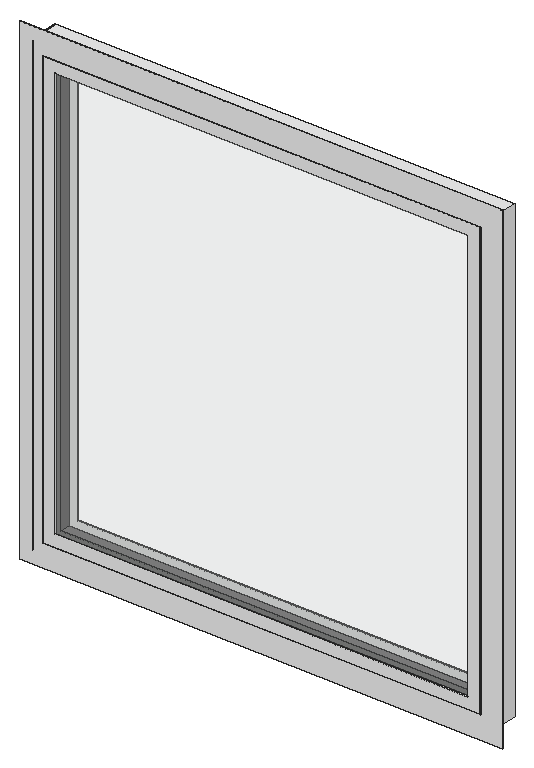
Revit family "Casement_38_B_Side_Hung_Standard", category Windows, host Wall, Revit 2014
Parameters (values of type "Casement_Sash_DG")
  Width Sash [instance] = 30 mm
  Width Sash Inner = 15 mm
  Width Bead = 15 mm
  Top Hung [instance] = yes
  Side Hung Right [instance] = yes
  Side Hung Left [instance] = yes
  Sash Opening Width [instance] = 600 mm
  Sash Opening Height [instance] = 600.312 mm
  Sash Lip = 15 mm
  Glazing Material [instance] = Glass
  DG Start Piece 2 [instance] = DG End Piece 1 + DG Gasket Thickness  # 25 mm
  DG Start Peice 1 [instance] = (Depth Sash - (2 * DG Glazing Thickness) - DG Gasket Thickness) / 2  # 6.6 mm
  Glazing Offset = 5 mm
  DG Glazing Thickness [instance] = 6.4 mm
  DG Gasket Thickness = 12 mm  # constant formula
  DG Gasket Material [instance] = Double Glazing Gasket Material
  DG End Piece 2 [instance] = DG Start Piece 2 + DG Glazing Thickness  # 31.4 mm
  DG End Piece 1 [instance] = DG Start Peice 1 + DG Glazing Thickness  # 13 mm
  Depth Sash [instance] = 38 mm
  Center Vertical Sash [instance] = Sash Opening Height / 2  # 300.156 mm
  Center Horizontal Sash [instance] = Sash Opening Width / 2  # 300 mm
  Bottom Hung [instance] = yes
  Bead Offset = 15 mm
  Aluminium Thickness = 1 mm
  Aluminium Material [instance] = White Powder Coated Aluminium
Reference planes
  plane 1 "Center (Front/Back)": y = 0
  plane 2: z = 0
  plane 3 "Center (Left/Right)": x = 0
Forms (mm)
  Sweep 1, solid, material "White Powder Coated Aluminium" <- "Aluminium Material"
    path origin (16.177, 0, 121.331) x (1, 0, 0) y (0, 0, 1)
      loop
        line (0, 0) -> (600, 0) -> (600, 600.312) -> (0, 600.312) -> (0, 0)
    profile origin (316.177, 0, 121.331) x (0, 0, 1) y (0, -1, 0)
      loop
        line (0, 0) -> (30, 0) -> (30, 1) -> (15, 1) -> (15, 38) -> (-15, 38) -> (-15, 37) -> (0, 37) -> (0, 0)
      loop
        line (14, 1) -> (14, 37) -> (1, 37) -> (1, 1) -> (14, 1)
  Sweep 2, solid, material "White Powder Coated Aluminium" <- "Aluminium Material"
    path origin (0, 0, 0) x (1, 0, 0) y (0, 0, 1)
      loop
        line (31.177, 706.643) -> (31.177, 136.331) -> (601.177, 136.331) -> (601.177, 706.643) -> (31.177, 706.643)
    profile origin (316.177, 0, 706.643) x (0, 0, 1) y (0, -1, 0)
      loop
        line (0, 37) -> (0, 38) -> (-15, 38) -> (-15, 37) -> (0, 37)
  Extrusion 3, solid, material "Glass" <- "Glazing Material"
    sketch origin (0, 0, 0) x (1, 0, 0) y (0, 0, 1)
      loop
        line (36.177, 701.643) -> (36.177, 141.331) -> (596.177, 141.331) -> (596.177, 701.643) -> (36.177, 701.643)
    from 6.6 <- "DG Start Peice 1" to 13 <- "DG End Piece 1"
  Extrusion 4, solid, material "Glass" <- "Glazing Material"
    sketch origin (0, 0, 0) x (1, 0, 0) y (0, 0, 1)
      loop
        line (36.177, 701.643) -> (36.177, 141.331) -> (596.177, 141.331) -> (596.177, 701.643) -> (36.177, 701.643)
    from 31.4 <- "DG End Piece 2" to 25 <- "DG Start Piece 2"
  Sweep 5, solid, material "Double Glazing Gasket Material" <- "DG Gasket Material"
    path origin (0, -13, 0) x (1, 0, 0) y (0, 0, 1)
      loop
        line (36.177, 701.643) -> (36.177, 141.331) -> (596.177, 141.331) -> (596.177, 701.643) -> (36.177, 701.643)
    profile origin (316.177, -13, 701.643) x (0, 0, 1) y (0, -1, 0)
      loop
        line (0, 0) -> (0, 12) -> (-7.96, 12) -> (-7.96, 0) -> (0, 0)
Lines and regions (mm)
  model lines
    curve 1: line (1.177, -38, 736.643) -> (31.177, -38, 706.643)
    curve 2: line (601.177, -38, 706.643) -> (631.177, -38, 736.643)
    curve 3: line (601.177, -38, 136.331) -> (631.177, -38, 106.331)
    curve 4: line (1.177, -38, 106.331) -> (31.177, -38, 136.331)
    curve 5: line (631.177, -37, 736.643) -> (616.177, -37, 721.643)
    curve 6: line (1.177, -37, 736.643) -> (16.177, -37, 721.643)
    curve 7: line (1.177, -37, 106.331) -> (16.177, -37, 121.331)
    curve 8: line (631.177, -37, 106.331) -> (616.177, -37, 121.331)
    curve 9: line (616.177, 0, 121.331) -> (586.177, 0, 151.331)
    curve 10: line (46.177, 0, 151.331) -> (16.177, 0, 121.331)
    curve 11: line (616.177, 0, 721.643) -> (586.177, 0, 691.643)
    curve 12: line (46.177, 0, 691.643) -> (16.177, 0, 721.643)
    curve 13: line (31.177, -38, 691.643) -> (46.177, -38, 691.643)
    curve 14: line (586.177, -38, 691.643) -> (601.177, -38, 691.643)
    curve 15: line (586.177, -38, 151.331) -> (601.177, -38, 151.331)
    curve 16: line (31.177, -38, 151.331) -> (46.177, -38, 151.331)
  model lines, style "GenericModelHiddenLines", visible <- "Top Hung"
    curve 17: line (46.386, -31.4, 690.914) -> (316.177, -31.4, 151.331)
    curve 18: line (316.177, -31.4, 151.331) -> (586.177, -31.4, 691.331)
  model lines, style "GenericModelHiddenLines", visible <- "Bottom Hung"
    curve 19: line (46.177, -31.4, 151.331) -> (316.177, -31.4, 691.331)
    curve 20: line (316.177, -31.4, 691.331) -> (586.177, -31.4, 151.331)
  model lines, style "GenericModelHiddenLines", visible <- "Side Hung Left"
    curve 21: line (46.386, -31.4, 690.914) -> (585.24, -31.4, 421.487)
    curve 22: line (585.24, -31.4, 421.487) -> (46.177, -31.4, 151.331)
  model lines, style "GenericModelHiddenLines", visible <- "Side Hung Right"
    curve 23: line (586.177, -31.4, 691.331) -> (46.177, -31.4, 421.487)
    curve 24: line (46.177, -31.4, 421.487) -> (586.177, -31.4, 151.331)
Dimensions and locks
  "Aluminium Thickness": Sweep 1 sketch curve to Sweep 1 sketch curve  (x4)
  "Depth Sash": Sweep 1 sketch curve to Sweep 1 sketch curve
  "Sash Opening Width": Sweep 1 to Sweep 1
  "Sash Opening Height": Sweep 1 to Sweep 1
  "Width Sash": Sweep 1 sketch curve to Sweep 1 sketch curve  (x2)
  "Width Sash Inner": Sweep 1 sketch curve to Sweep 1 sketch curve
  "Sash Lip": Sweep 1 sketch curve to Sweep 1 sketch curve
  "Aluminium Thickness": Sweep 1 to Sweep 2 sketch curve
  "Glazing Offset": Sweep 2 to Extrusion 3 sketch curve  (x3)
  "Glazing Offset": Extrusion 3 sketch curve to Sweep 2
  Sweep 1 to Sweep 1 = 1 mm
  "Aluminium Thickness": Sweep 2 sketch curve to Sweep 2 sketch curve
  "Width Bead": Sweep 2 sketch curve to Sweep 2 sketch curve
  locked: Sweep 5 sketch curve to Sweep 5 sketch curve at 7.96
  "Center Horizontal Sash": Sweep 1 to curve 18
  "Center Horizontal Sash": Sweep 1 to curve 20
  "Center Vertical Sash": Sweep 1 to curve 22
  "Center Vertical Sash": Sweep 1 to curve 24
  aligned and locked: level to plane 2
  aligned and locked: Sweep 1 sketch curve to Sweep 1 sketch curve  (x2)
  aligned and locked: Sweep 2 sketch curve to Sweep 1  (x5)
  aligned and locked: Extrusion 4 sketch curve to Extrusion 3  (x4)
  aligned and locked: Sweep 5 sketch curve to Extrusion 3  (x5)
  aligned and locked: Extrusion 3 to Sweep 5 sketch curve
Automatic sketch dimensions
  plane 3 "Center (Left/Right)" to Sweep 1 sketch curve = 16.177 mm
  level to Sweep 1 sketch curve = 121.331 mm
  plane 3 "Center (Left/Right)" to Sweep 1 sketch curve = 616.177 mm
  level to Sweep 1 sketch curve = 721.643 mm
  profile plane to Sweep 5 sketch curve = 12 mm
  curve 7 to Sweep 1 = 0 mm  (x4)
  curve 6 to Sweep 1 = 0 mm  (x3)
  Sweep 1 to curve 6 = 0 mm
  curve 5 to Sweep 1 = 0 mm  (x3)
  curve 8 to Sweep 1 = 0 mm  (x4)
  Sweep 1 to curve 5 = 0 mm
  curve 16 to Sweep 2 = 0 mm  (x3)
  curve 13 to Sweep 2 = 0 mm  (x3)
  curve 15 to Sweep 2 = 0 mm
  Sweep 2 to curve 15 = 0 mm  (x2)
  curve 14 to Sweep 2 = 0 mm  (x2)
  Sweep 2 to curve 14 = 0 mm
  curve 1 to Sweep 1 = 0 mm  (x4)
  curve 4 to Sweep 1 = 0 mm  (x3)
  Sweep 1 to curve 4 = 0 mm
  curve 3 to Sweep 1 = 0 mm  (x3)
  curve 2 to Sweep 1 = 0 mm  (x4)
  Sweep 1 to curve 3 = 0 mm
  curve 10 to Sweep 1 = 0 mm  (x4)
  curve 12 to Sweep 1 = 0 mm  (x3)
  Sweep 1 to curve 12 = 0 mm
  curve 9 to Sweep 1 = 0 mm  (x4)
  curve 11 to Sweep 1 = 0 mm  (x3)
  Sweep 1 to curve 11 = 0 mm
  Sweep 1 sketch curve to plane 1 "Center (Front/Back)" = 0 mm
  profile plane to Sweep 1 sketch curve = 0 mm
  curve 21 to Extrusion 4 = 10.208 mm
  curve 19 to Extrusion 4 = 10 mm
  curve 23 to Extrusion 4 = 10 mm  (x2)
  curve 22 to Extrusion 4 = 10.937 mm
  curve 20 to Extrusion 4 = 10 mm
  curve 24 to Extrusion 4 = 10 mm
  curve 22 to Extrusion 4 = 10 mm
  curve 18 to Extrusion 4 = 10 mm
  curve 21 to Extrusion 4 = 10.729 mm
  curve 19 to Extrusion 4 = 10.312 mm
  curve 18 to Extrusion 4 = 10.312 mm
Types in the file's own list only (18): name | Windload Design | Width Sash Opening | Width Sash | Width Profile | Width Panel 4 | Width Panel 1 | Width | URL | Offset Window Exterior | Max System DG Unit Thickness | Max System DG One Piece Thickness | Max Pane Area | Limit Fixed Panel Width Max | Intruderprufe U Value | Intruderprufe SHGC Value | Intruderprufe LowE U Value | Intruderprufe LowE SHGC Value | Intruderprufe Insulated U Value | Intruderprufe Insulated SHGC Value | Intruderprufe Insulated LowE U Value | Intruderprufe Insulated LowE SHGC Value | Height Sash Opening | Height | Energy Advantage U Value | Energy Advantage SHGC Value | DG Thickness Calc | Custom Window Width | Custom Window Height | Window Exterior Offset | Custom Windload | Custom Sash Width | Sash Spacing Inner | Sash Overlap | Sash Center Offset | SG Gasket Thickness | Offset Sash Left | Offset Sash Top | Offset Panel 4 Left | Offset Mullion Left | Offset Bead SG Center Reversed | Model | Manufacturer | Limit Window Width Min | Limit Window Width Max | Limit Window Height Min | Limit Window Height Max | Limit Sash Width Min | Limit Sash Width Max | Limit Sash Height Min | Limit Sash Height Max | Limit Fixed Panel Width Min | Length Mullion | Height Sash | Height Panel 4 | Description | Depth Mullion | Frame Center Offset | Depth Bead | Default Sill Height | Wall Closure | DG Gasket Finish | DG Extrusion Start | Mullion Depth Windload Based | Clearvue U Value | Clearvue Insulated U Value | Clearvue Insulated SHGC Value | Clearvue Insulated LowE U Value | Clearvue Insulated LowE SHGC Value | Casement Dimension | Bead SG Gap | Area Pane Right | Area Pane Left
  38-0909S-1000Pa | 1000 mm | 554 mm | 524 mm | 30 mm | 261 mm | 539 mm | 890 mm | "http://www.crealco.co.za/crealco-products.php" | 19 mm | 25 mm | 6 mm | 0.37 m² | 1500 mm | 6.12 | 0.562 | 4.7 | 0.487 | 4.1 | 0.469 | 3.69 | 0.428 | 844 mm | 890 mm | 4.82 | 0.519 | 4 mm | 890 mm | 890 mm | 0 mm | 1000 mm | 554 mm | 8 mm | 7 mm | 16 mm | 6 mm | 23 mm | 23 mm | 599 mm | 569 mm | 19 mm | "Casement 38" | "Crealco" | 829 mm | 2129 mm | 346 mm | 1546 mm | 300 mm | 700 mm | 300 mm | 1500 mm | 200 mm | 890 mm | 814 mm | 830 mm | "Window 38mm, Type B side hung" | 39 mm | 19 mm | 24 mm | 800 mm | By host | Double Glazing Gasket Material | 9 mm | 39 mm | 6.25 | 4.2 | 0.505 | 3.73 | 0.461 | 38 mm | 13 mm | 0.21 m² | 0.37 m²
  38-0909S-1500Pa | 1500 mm | 554 mm | 524 mm | 30 mm | 261 mm | 539 mm | 890 mm | "http://www.crealco.co.za/crealco-products.php" | 19 mm | 25 mm | 6 mm | 0.37 m² | 1500 mm | 6.12 | 0.562 | 4.7 | 0.487 | 4.1 | 0.469 | 3.69 | 0.428 | 844 mm | 890 mm | 4.82 | 0.519 | 4 mm | 890 mm | 890 mm | 0 mm | 1500 mm | 554 mm | 8 mm | 7 mm | 16 mm | 6 mm | 23 mm | 23 mm | 599 mm | 569 mm | 19 mm | "Casement 38" | "Crealco" | 829 mm | 2129 mm | 346 mm | 1546 mm | 300 mm | 700 mm | 300 mm | 1500 mm | 200 mm | 890 mm | 814 mm | 830 mm | "Window 38mm, Type B side hung" | 39 mm | 19 mm | 24 mm | 800 mm | By host | Double Glazing Gasket Material | 9 mm | 39 mm | 6.25 | 4.2 | 0.505 | 3.73 | 0.461 | 38 mm | 13 mm | 0.21 m² | 0.37 m²
  38-0909S-2000Pa | 2000 mm | 554 mm | 524 mm | 30 mm | 261 mm | 539 mm | 890 mm | "http://www.crealco.co.za/crealco-products.php" | 19 mm | 25 mm | 6 mm | 0.37 m² | 1500 mm | 6.12 | 0.562 | 4.7 | 0.487 | 4.1 | 0.469 | 3.69 | 0.428 | 844 mm | 890 mm | 4.82 | 0.519 | 4 mm | 890 mm | 890 mm | 0 mm | 2000 mm | 554 mm | 8 mm | 7 mm | 16 mm | 6 mm | 23 mm | 23 mm | 599 mm | 569 mm | 19 mm | "Casement 38" | "Crealco" | 829 mm | 2129 mm | 346 mm | 1546 mm | 300 mm | 700 mm | 300 mm | 1500 mm | 200 mm | 890 mm | 814 mm | 830 mm | "Window 38mm, Type B side hung" | 39 mm | 19 mm | 24 mm | 800 mm | By host | Double Glazing Gasket Material | 9 mm | 39 mm | 6.25 | 4.2 | 0.505 | 3.73 | 0.461 | 38 mm | 13 mm | 0.21 m² | 0.37 m²
  38-1209S-1000Pa | 1000 mm | 554 mm | 524 mm | 30 mm | 561 mm | 539 mm | 1190 mm | "http://www.crealco.co.za/crealco-products.php" | 19 mm | 25 mm | 6 mm | 0.45 m² | 1500 mm | 6.05 | 0.602 | 4.51 | 0.525 | 3.85 | 0.507 | 3.35 | 0.462 | 844 mm | 890 mm | 4.63 | 0.56 | 4 mm | 1190 mm | 890 mm | 0 mm | 1000 mm | 554 mm | 8 mm | 7 mm | 16 mm | 6 mm | 23 mm | 23 mm | 599 mm | 569 mm | 19 mm | "Casement 38" | "Crealco" | 829 mm | 2129 mm | 346 mm | 1546 mm | 300 mm | 700 mm | 300 mm | 1500 mm | 200 mm | 890 mm | 814 mm | 830 mm | "Window 38mm, Type B side hung" | 39 mm | 19 mm | 24 mm | 800 mm | By host | Double Glazing Gasket Material | 9 mm | 39 mm | 6.18 | 3.95 | 0.547 | 3.42 | 0.498 | 38 mm | 13 mm | 0.45 m² | 0.37 m²
  38-1209S-1500Pa | 1500 mm | 554 mm | 524 mm | 30 mm | 561 mm | 539 mm | 1190 mm | "http://www.crealco.co.za/crealco-products.php" | 19 mm | 25 mm | 6 mm | 0.45 m² | 1500 mm | 6.05 | 0.602 | 4.51 | 0.525 | 3.85 | 0.507 | 3.35 | 0.462 | 844 mm | 890 mm | 4.63 | 0.56 | 4 mm | 1190 mm | 890 mm | 0 mm | 1500 mm | 554 mm | 8 mm | 7 mm | 16 mm | 6 mm | 23 mm | 23 mm | 599 mm | 569 mm | 19 mm | "Casement 38" | "Crealco" | 829 mm | 2129 mm | 346 mm | 1546 mm | 300 mm | 700 mm | 300 mm | 1500 mm | 200 mm | 890 mm | 814 mm | 830 mm | "Window 38mm, Type B side hung" | 39 mm | 19 mm | 24 mm | 800 mm | By host | Double Glazing Gasket Material | 9 mm | 39 mm | 6.18 | 3.95 | 0.547 | 3.42 | 0.498 | 38 mm | 13 mm | 0.45 m² | 0.37 m²
  38-1209S-2000Pa | 2000 mm | 554 mm | 524 mm | 30 mm | 561 mm | 539 mm | 1190 mm | "http://www.crealco.co.za/crealco-products.php" | 19 mm | 25 mm | 6 mm | 0.45 m² | 1500 mm | 6.05 | 0.602 | 4.51 | 0.525 | 3.85 | 0.507 | 3.35 | 0.462 | 844 mm | 890 mm | 4.63 | 0.56 | 4 mm | 1190 mm | 890 mm | 0 mm | 2000 mm | 554 mm | 8 mm | 7 mm | 16 mm | 6 mm | 23 mm | 23 mm | 599 mm | 569 mm | 19 mm | "Casement 38" | "Crealco" | 829 mm | 2129 mm | 346 mm | 1546 mm | 300 mm | 700 mm | 300 mm | 1500 mm | 200 mm | 890 mm | 814 mm | 830 mm | "Window 38mm, Type B side hung" | 39 mm | 19 mm | 24 mm | 800 mm | By host | Double Glazing Gasket Material | 9 mm | 39 mm | 6.18 | 3.95 | 0.547 | 3.42 | 0.498 | 38 mm | 13 mm | 0.45 m² | 0.37 m²
  38-1509S-1000Pa | 1000 mm | 554 mm | 524 mm | 30 mm | 861 mm | 539 mm | 1490 mm | "http://www.crealco.co.za/crealco-products.php" | 19 mm | 25 mm | 6 mm | 0.70 m² | 1500 mm | 6.01 | 0.626 | 4.4 | 0.547 | 3.71 | 0.53 | 3.17 | 0.482 | 844 mm | 890 mm | 4.51 | 0.585 | 4 mm | 1490 mm | 890 mm | 0 mm | 1000 mm | 554 mm | 8 mm | 7 mm | 16 mm | 6 mm | 23 mm | 23 mm | 599 mm | 569 mm | 19 mm | "Casement 38" | "Crealco" | 829 mm | 2129 mm | 346 mm | 1546 mm | 300 mm | 700 mm | 300 mm | 1500 mm | 200 mm | 890 mm | 814 mm | 830 mm | "Window 38mm, Type B side hung" | 39 mm | 19 mm | 24 mm | 800 mm | By host | Double Glazing Gasket Material | 9 mm | 39 mm | 6.13 | 3.8 | 0.572 | 3.24 | 0.521 | 38 mm | 13 mm | 0.70 m² | 0.37 m²
  38-1509S-1500Pa | 1500 mm | 554 mm | 524 mm | 30 mm | 861 mm | 539 mm | 1490 mm | "http://www.crealco.co.za/crealco-products.php" | 19 mm | 25 mm | 6 mm | 0.70 m² | 1500 mm | 6.01 | 0.626 | 4.4 | 0.547 | 3.71 | 0.53 | 3.17 | 0.482 | 844 mm | 890 mm | 4.51 | 0.585 | 4 mm | 1490 mm | 890 mm | 0 mm | 1500 mm | 554 mm | 8 mm | 7 mm | 16 mm | 6 mm | 23 mm | 23 mm | 599 mm | 569 mm | 19 mm | "Casement 38" | "Crealco" | 829 mm | 2129 mm | 346 mm | 1546 mm | 300 mm | 700 mm | 300 mm | 1500 mm | 200 mm | 890 mm | 814 mm | 830 mm | "Window 38mm, Type B side hung" | 39 mm | 19 mm | 24 mm | 800 mm | By host | Double Glazing Gasket Material | 9 mm | 39 mm | 6.13 | 3.8 | 0.572 | 3.24 | 0.521 | 38 mm | 13 mm | 0.70 m² | 0.37 m²
  38-1509S-2000Pa | 2000 mm | 554 mm | 524 mm | 30 mm | 861 mm | 539 mm | 1490 mm | "http://www.crealco.co.za/crealco-products.php" | 19 mm | 25 mm | 6 mm | 0.70 m² | 1500 mm | 6.01 | 0.626 | 4.4 | 0.547 | 3.71 | 0.53 | 3.17 | 0.482 | 844 mm | 890 mm | 4.51 | 0.585 | 4 mm | 1490 mm | 890 mm | 0 mm | 2000 mm | 554 mm | 8 mm | 7 mm | 16 mm | 6 mm | 23 mm | 23 mm | 599 mm | 569 mm | 19 mm | "Casement 38" | "Crealco" | 829 mm | 2129 mm | 346 mm | 1546 mm | 300 mm | 700 mm | 300 mm | 1500 mm | 200 mm | 890 mm | 814 mm | 830 mm | "Window 38mm, Type B side hung" | 39 mm | 19 mm | 24 mm | 800 mm | By host | Double Glazing Gasket Material | 9 mm | 39 mm | 6.13 | 3.8 | 0.572 | 3.24 | 0.521 | 38 mm | 13 mm | 0.70 m² | 0.37 m²
  38-0912S-1000Pa | 1000 mm | 554 mm | 524 mm | 30 mm | 261 mm | 539 mm | 890 mm | "http://www.crealco.co.za/crealco-products.php" | 19 mm | 25 mm | 6 mm | 0.52 m² | 1500 mm | 6.1 | 0.584 | 4.64 | 0.504 | 3.99 | 0.487 | 3.52 | 0.444 | 1144 mm | 1190 mm | 4.47 | 0.539 | 4 mm | 890 mm | 1190 mm | 0 mm | 1000 mm | 554 mm | 8 mm | 7 mm | 16 mm | 6 mm | 23 mm | 23 mm | 599 mm | 569 mm | 19 mm | "Casement 38" | "Crealco" | 829 mm | 2129 mm | 346 mm | 1546 mm | 300 mm | 700 mm | 300 mm | 1500 mm | 200 mm | 1190 mm | 1114 mm | 1130 mm | "Window 38mm, Type B side hung" | 39 mm | 19 mm | 24 mm | 800 mm | By host | Double Glazing Gasket Material | 9 mm | 39 mm | 6.23 | 4.09 | 0.525 | 3.6 | 0.478 | 38 mm | 13 mm | 0.28 m² | 0.52 m²
  38-0912S-1500Pa | 1500 mm | 554 mm | 524 mm | 30 mm | 261 mm | 539 mm | 890 mm | "http://www.crealco.co.za/crealco-products.php" | 19 mm | 25 mm | 6 mm | 0.52 m² | 1500 mm | 6.1 | 0.584 | 4.64 | 0.504 | 3.99 | 0.487 | 3.52 | 0.444 | 1144 mm | 1190 mm | 4.47 | 0.539 | 4 mm | 890 mm | 1190 mm | 0 mm | 1500 mm | 554 mm | 8 mm | 7 mm | 16 mm | 6 mm | 23 mm | 23 mm | 599 mm | 569 mm | 19 mm | "Casement 38" | "Crealco" | 829 mm | 2129 mm | 346 mm | 1546 mm | 300 mm | 700 mm | 300 mm | 1500 mm | 200 mm | 1190 mm | 1114 mm | 1130 mm | "Window 38mm, Type B side hung" | 39 mm | 19 mm | 24 mm | 800 mm | By host | Double Glazing Gasket Material | 9 mm | 39 mm | 6.23 | 4.09 | 0.525 | 3.6 | 0.478 | 38 mm | 13 mm | 0.28 m² | 0.52 m²
  38-0912S-2000Pa | 2000 mm | 554 mm | 524 mm | 30 mm | 261 mm | 539 mm | 890 mm | "http://www.crealco.co.za/crealco-products.php" | 19 mm | 25 mm | 6 mm | 0.52 m² | 1500 mm | 6.1 | 0.584 | 4.64 | 0.504 | 3.99 | 0.487 | 3.52 | 0.444 | 1144 mm | 1190 mm | 4.47 | 0.539 | 4 mm | 890 mm | 1190 mm | 0 mm | 2000 mm | 554 mm | 8 mm | 7 mm | 16 mm | 6 mm | 23 mm | 23 mm | 599 mm | 569 mm | 19 mm | "Casement 38" | "Crealco" | 829 mm | 2129 mm | 346 mm | 1546 mm | 300 mm | 700 mm | 300 mm | 1500 mm | 200 mm | 1190 mm | 1114 mm | 1130 mm | "Window 38mm, Type B side hung" | 39 mm | 19 mm | 24 mm | 800 mm | By host | Double Glazing Gasket Material | 9 mm | 39 mm | 6.23 | 4.09 | 0.525 | 3.6 | 0.478 | 38 mm | 13 mm | 0.28 m² | 0.52 m²
  38-1212S-1000Pa | 1000 mm | 554 mm | 524 mm | 30 mm | 561 mm | 539 mm | 1190 mm | "http://www.crealco.co.za/crealco-products.php" | 19 mm | 25 mm | 6 mm | 0.62 m² | 1500 mm | 6.03 | 0.623 | 4.43 | 0.542 | 3.75 | 0.525 | 3.21 | 0.477 | 1144 mm | 1190 mm | 4.54 | 0.58 | 4 mm | 1190 mm | 1190 mm | 0 mm | 1000 mm | 554 mm | 8 mm | 7 mm | 16 mm | 6 mm | 23 mm | 23 mm | 599 mm | 569 mm | 19 mm | "Casement 38" | "Crealco" | 829 mm | 2129 mm | 346 mm | 1546 mm | 300 mm | 700 mm | 300 mm | 1500 mm | 200 mm | 1190 mm | 1114 mm | 1130 mm | "Window 38mm, Type B side hung" | 39 mm | 19 mm | 24 mm | 800 mm | By host | Double Glazing Gasket Material | 9 mm | 39 mm | 6.16 | 3.84 | 0.567 | 3.29 | 0.516 | 38 mm | 13 mm | 0.62 m² | 0.52 m²
  38-1212S-1500Pa | 1500 mm | 554 mm | 524 mm | 30 mm | 561 mm | 539 mm | 1190 mm | "http://www.crealco.co.za/crealco-products.php" | 19 mm | 25 mm | 6 mm | 0.62 m² | 1500 mm | 6.03 | 0.623 | 4.43 | 0.542 | 3.75 | 0.525 | 3.21 | 0.477 | 1144 mm | 1190 mm | 4.54 | 0.58 | 4 mm | 1190 mm | 1190 mm | 0 mm | 1500 mm | 554 mm | 8 mm | 7 mm | 16 mm | 6 mm | 23 mm | 23 mm | 599 mm | 569 mm | 19 mm | "Casement 38" | "Crealco" | 829 mm | 2129 mm | 346 mm | 1546 mm | 300 mm | 700 mm | 300 mm | 1500 mm | 200 mm | 1190 mm | 1114 mm | 1130 mm | "Window 38mm, Type B side hung" | 39 mm | 19 mm | 24 mm | 800 mm | By host | Double Glazing Gasket Material | 9 mm | 39 mm | 6.16 | 3.84 | 0.567 | 3.29 | 0.516 | 38 mm | 13 mm | 0.62 m² | 0.52 m²
  38-1212S-2000Pa | 2000 mm | 554 mm | 524 mm | 30 mm | 561 mm | 539 mm | 1190 mm | "http://www.crealco.co.za/crealco-products.php" | 19 mm | 25 mm | 6 mm | 0.62 m² | 1500 mm | 6.03 | 0.623 | 4.43 | 0.542 | 3.75 | 0.525 | 3.21 | 0.477 | 1144 mm | 1190 mm | 4.54 | 0.58 | 4 mm | 1190 mm | 1190 mm | 0 mm | 2000 mm | 554 mm | 8 mm | 7 mm | 16 mm | 6 mm | 23 mm | 23 mm | 599 mm | 569 mm | 19 mm | "Casement 38" | "Crealco" | 829 mm | 2129 mm | 346 mm | 1546 mm | 300 mm | 700 mm | 300 mm | 1500 mm | 200 mm | 1190 mm | 1114 mm | 1130 mm | "Window 38mm, Type B side hung" | 39 mm | 19 mm | 24 mm | 800 mm | By host | Double Glazing Gasket Material | 9 mm | 39 mm | 6.16 | 3.84 | 0.567 | 3.29 | 0.516 | 38 mm | 13 mm | 0.62 m² | 0.52 m²
  38-1512S-1000Pa | 1000 mm | 554 mm | 524 mm | 30 mm | 861 mm | 539 mm | 1490 mm | "http://www.crealco.co.za/crealco-products.php" | 19 mm | 25 mm | 6 mm | 0.95 m² | 1500 mm | 5.99 | 0.647 | 4.32 | 0.565 | 3.6 | 0.548 | 3.03 | 0.497 | 1144 mm | 1190 mm | 4.42 | 0.604 | 4 mm | 1490 mm | 1190 mm | 0 mm | 1000 mm | 554 mm | 8 mm | 7 mm | 16 mm | 6 mm | 23 mm | 23 mm | 599 mm | 569 mm | 19 mm | "Casement 38" | "Crealco" | 829 mm | 2129 mm | 346 mm | 1546 mm | 300 mm | 700 mm | 300 mm | 1500 mm | 200 mm | 1190 mm | 1114 mm | 1130 mm | "Window 38mm, Type B side hung" | 39 mm | 19 mm | 24 mm | 800 mm | By host | Double Glazing Gasket Material | 9 mm | 39 mm | 6.11 | 3.69 | 0.592 | 3.1 | 0.538 | 38 mm | 13 mm | 0.95 m² | 0.52 m²
  38-1512S-1500Pa | 1500 mm | 554 mm | 524 mm | 30 mm | 861 mm | 539 mm | 1490 mm | "http://www.crealco.co.za/crealco-products.php" | 19 mm | 25 mm | 6 mm | 0.95 m² | 1500 mm | 5.99 | 0.647 | 4.32 | 0.565 | 3.6 | 0.548 | 3.03 | 0.497 | 1144 mm | 1190 mm | 4.42 | 0.604 | 4 mm | 1490 mm | 1190 mm | 0 mm | 1500 mm | 554 mm | 8 mm | 7 mm | 16 mm | 6 mm | 23 mm | 23 mm | 599 mm | 569 mm | 19 mm | "Casement 38" | "Crealco" | 829 mm | 2129 mm | 346 mm | 1546 mm | 300 mm | 700 mm | 300 mm | 1500 mm | 200 mm | 1190 mm | 1114 mm | 1130 mm | "Window 38mm, Type B side hung" | 39 mm | 19 mm | 24 mm | 800 mm | By host | Double Glazing Gasket Material | 9 mm | 39 mm | 6.11 | 3.69 | 0.592 | 3.1 | 0.538 | 38 mm | 13 mm | 0.95 m² | 0.52 m²
  38-1512S-2000Pa | 2000 mm | 554 mm | 524 mm | 30 mm | 861 mm | 539 mm | 1490 mm | "http://www.crealco.co.za/crealco-products.php" | 19 mm | 25 mm | 6 mm | 0.95 m² | 1500 mm | 6 | 0.636 | 4.37 | 0.566 | 3.64 | 0.55 | 3.08 | 0.499 | 1144 mm | 1190 mm | 4.48 | 0.603 | 4 mm | 1490 mm | 1190 mm | 0 mm | 2000 mm | 554 mm | 8 mm | 7 mm | 16 mm | 6 mm | 23 mm | 23 mm | 599 mm | 569 mm | 19 mm | "Casement 38" | "Crealco" | 829 mm | 2129 mm | 346 mm | 1546 mm | 300 mm | 700 mm | 300 mm | 1500 mm | 200 mm | 1190 mm | 1114 mm | 1130 mm | "Window 38mm, Type B side hung" | 54 mm | 19 mm | 24 mm | 800 mm | By host | Double Glazing Gasket Material | 9 mm | 54 mm | 6.11 | 3.73 | 0.592 | 3.14 | 0.539 | 38 mm | 13 mm | 0.95 m² | 0.52 m²
